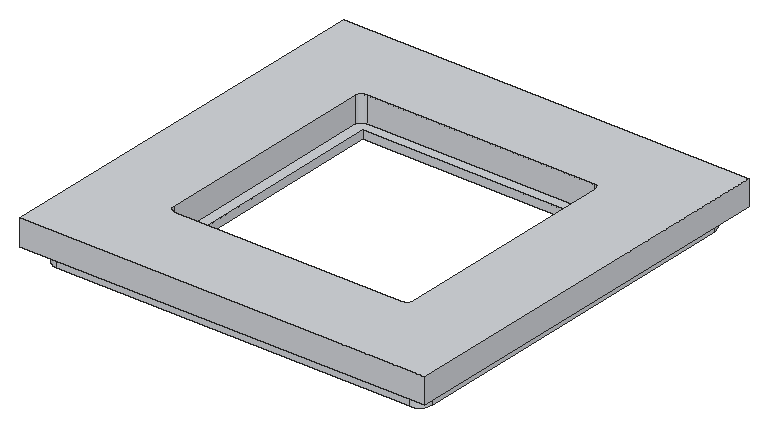
Revit family "Gira_0211219", category Electrical Fixtures, host Face, Revit 2017
Family settings
  Host = Face
  Maintain Annotation Orientation = No
  Round Connector Dimension = Use Diameter
  Part Type = Normal
  Cut with Voids When Loaded = No
  Shared = No
  Room Calculation Point = No
Parameters (values of type "Cov.fr. 1-g Gira Esprit stainl.steel")
  With mounting grid = "No"
  With hinged lid = "No"
  URL = "http://katalog.gira.de/en/datenblatt.html?artikelnr=0211219"
  Type of fastening = "Clamp mounting"
  Transparent = "No"
  Surface protection = "Other"
  Suitable for wall duct = "No"
  Suitable for flush-mounted installation = "Yes"
  Suitable for floor box = "No"
  Suitable for built-in installation = "No"
  Number of units vertical = "1"
  Number of units horizontal = "1"
  Number of units = "1"
  Name = "Cov.fr. 1-g Gira Esprit stainl.steel"
  Mounting direction = "Horizontal and vertical"
  Material quality = "Stainless steel"
  Material = "Metal"
  Manufacturer URL = "https://www.gira.de/"
  Manufacturer = "Gira"
  Label space/information surface = "No"
  Keynote = ""
  HeinzeBIM = "https://bimportal.heinze.de/bim/cov-fr-1-g-gira-esprit-stainl-steel/c2109b36140491cefa570c581867c5bafb54a8ec"
  Halogen free = "No"
  HAN = "0211219"
  GTIN = "4010337015765"
  Description = "Cov.fr.1g Espr. SST,Gira Esprit cover frame,Stainless steel,1-gang,Features:,- Brushed stainless steel."
  Degree of protection (IP) = "IP20"
  Default Elevation = 1219.2 mm
  Data sheet (1) = "https://katalog.gira.de/en/download.html?artikelnr=0211219"
  Colour = "Stainless steel"
  Category = "Cover frame for domestic switching devices"
  BIM (1) = "https://media.stage.bim.site/public/gira/36a6b08/Espr._Rahmen_1fach.rfa"
  Available = "No"
Reference planes
  plane 1 "Center (Front/Back)": y = 0
  plane 2: z = 0
  plane 3 "Center (Left/Right)": x = 0
Forms (mm)
  Extrusion 1, solid, detail levels fine
    sketch origin (0, 0, 0) x (1, 0, 0) y (0, 1, 0)
      loop
        line (-47.5, 47.5) -> (-47.5, -47.5) -> (47.5, -47.5) -> (47.5, 47.5) -> (-47.5, 47.5)
      loop
        arc (-28.2, -26.7) -> (-27.761, -27.761) -> (-26.7, -28.2) r 1.5
        line (-26.7, -28.2) -> (26.7, -28.2)
        arc (26.7, -28.2) -> (27.761, -27.761) -> (28.2, -26.7) r 1.5
        line (28.2, -26.7) -> (28.2, 26.7)
        arc (28.2, 26.7) -> (27.761, 27.761) -> (26.7, 28.2) r 1.5
        line (26.7, 28.2) -> (-26.7, 28.2)
        arc (-26.7, 28.2) -> (-27.761, 27.761) -> (-28.2, 26.7) r 1.5
        line (-28.2, 26.7) -> (-28.2, -26.7)
    from 0 to 6
  Extrusion 2, solid, detail levels fine
    sketch origin (0, 0, 0) x (1, 0, 0) y (0, 1, 0)
      loop
        line (-25.7, -25.7) -> (25.7, -25.7) -> (25.7, 25.7) -> (-25.7, 25.7) -> (-25.7, -25.7)
      loop
        arc (-43.1, -41.3) -> (-42.573, -42.573) -> (-41.3, -43.1) r 1.8
        line (-41.3, -43.1) -> (41.3, -43.1)
        arc (41.3, -43.1) -> (42.573, -42.573) -> (43.1, -41.3) r 1.8
        line (43.1, -41.3) -> (43.1, 41.3)
        arc (43.1, 41.3) -> (42.573, 42.573) -> (41.3, 43.1) r 1.8
        line (41.3, 43.1) -> (-41.3, 43.1)
        arc (-41.3, 43.1) -> (-42.573, 42.573) -> (-43.1, 41.3) r 1.8
        line (-43.1, 41.3) -> (-43.1, -41.3)
    from -1.9 to 0
  Extrusion 3, solid, detail levels fine
    sketch origin (0, 0, 0) x (1, 0, 0) y (0, 1, 0)
      loop
        arc (-41.4, 44.4) -> (-43.521, 43.521) -> (-44.4, 41.4) r 3
        line (-44.4, 41.4) -> (-44.4, -41.4)
        arc (-44.4, -41.4) -> (-43.521, -43.521) -> (-41.4, -44.4) r 3
        line (-41.4, -44.4) -> (41.4, -44.4)
        arc (41.4, -44.4) -> (43.521, -43.521) -> (44.4, -41.4) r 3
        line (44.4, -41.4) -> (44.4, 41.4)
        arc (44.4, 41.4) -> (43.521, 43.521) -> (41.4, 44.4) r 3
        line (41.4, 44.4) -> (-41.4, 44.4)
      loop
        line (-43.1, 41.3) -> (-43.1, -41.3)
        arc (-43.1, -41.3) -> (-42.573, -42.573) -> (-41.3, -43.1) r 1.8
        line (-41.3, -43.1) -> (41.3, -43.1)
        arc (41.3, -43.1) -> (42.573, -42.573) -> (43.1, -41.3) r 1.8
        line (43.1, -41.3) -> (43.1, 41.3)
        arc (43.1, 41.3) -> (42.573, 42.573) -> (41.3, 43.1) r 1.8
        line (41.3, 43.1) -> (-41.3, 43.1)
        arc (-41.3, 43.1) -> (-42.573, 42.573) -> (-43.1, 41.3) r 1.8
    from -3.7 to 0
  Extrusion 4, solid, detail levels medium
    sketch origin (0, 0, 0) x (1, 0, 0) y (0, 1, 0)
      loop
        line (-47.5, 47.5) -> (-47.5, -47.5) -> (47.5, -47.5) -> (47.5, 47.5) -> (-47.5, 47.5)
    from 0 to 6
  Extrusion 5, solid, detail levels medium
    sketch origin (0, 0, 0) x (1, 0, 0) y (0, 1, 0)
      loop
        line (-44.4, 44.4) -> (-44.4, -44.4) -> (44.4, -44.4) -> (44.4, 44.4) -> (-44.4, 44.4)
    from -3.7 to 0
  Extrusion 6, solid, detail levels coarse
    sketch origin (0, 0, 0) x (1, 0, 0) y (0, 1, 0)
      loop
        line (-47.5, 47.5) -> (-47.5, -47.5) -> (47.5, -47.5) -> (47.5, 47.5) -> (-47.5, 47.5)
    from -3.7 to 6
Dimensions and locks
  aligned and locked: plane 2 to host face
  aligned and locked: level to host face
